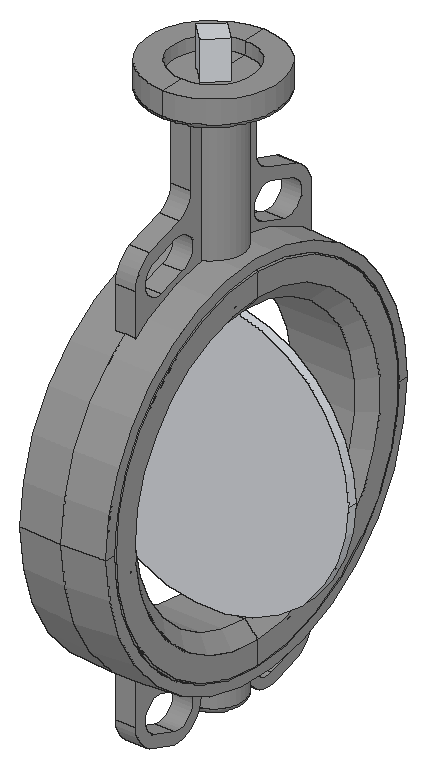
Revit family "Absperr- und Regulierklappe ZF-4219", category Rohrzubehör, Revit 2019
Family settings
  Bemaßung runder Anschluss = Durchmesser verwenden
  Teiletyp = Unterbricht
  Arbeitsebenenbasiert = Nein
  Immer vertikal = Ja
  Beim Laden mit Abzugskörper schneiden = Nein
  Gemeinsam genutzt = Nein
Parameters
  URL = "www.herz-armaturen.at"
  Spindel = "Edelstahl ASTM-A276 / Type 316"  # constant formula
  Schrauben PN16 [instance] = if(Nennweite = 50 mm, "4x M16x100", if(Nennweite = 65 mm, "4x M16x100", if(Nennweite = 80 mm, "8x M16x100", if(Nennweite = 100 mm, "8x M16x110", if(Nennweite = 125 mm, "8x M16x120", if(Nennweite = 150 mm, "8x M20x120", if(Nennweite = 200 mm, "12x M20x130", if(Nennweite = 250 mm, "12x M24x140", "12x M24x160"))))))))  # "12x M20x130"
  Schrauben PN 6 [instance] = if(Nennweite = 50 mm, "4x M12x100", if(Nennweite = 65 mm, "4x M12x100", if(Nennweite = 80 mm, "4x M16x100", if(Nennweite = 100 mm, "4x M16x100", if(Nennweite = 125 mm, "8x M16x110", if(Nennweite = 150 mm, "8x M16x110", if(Nennweite = 200 mm, "--", if(Nennweite = 250 mm, "12x M16x130", "12xM16x140"))))))))  # "--"
  Schrauben PN10 [instance] = if(Nennweite = 50 mm, "4x M16x100", if(Nennweite = 65 mm, "4x M16x100", if(Nennweite = 80 mm, "4x M16x100", if(Nennweite = 100 mm, "4x M16x110", if(Nennweite = 125 mm, "8x M16x120", if(Nennweite = 150 mm, "8x M20x120", if(Nennweite = 200 mm, "8x M20x130", if(Nennweite = 250 mm, "12x M20x130", "12x M20x150"))))))))  # "8x M20x130"
  SCTWSEQ = "FW;SBT_TYP_FW=\"101\";2"
  SCTWCODE = "04;07;02"  # constant formula
  SCRNSEQ = "ARM;ARM_TYP=\"ALLF\";2"
  SCRNCODE = "05;13;02"  # constant formula
  R_Dichtung = 1.5 mm  # constant formula
  PN16 [instance] = or(Nennweite = 50 mm, Nennweite = 65 mm, Nennweite = 80 mm, Nennweite = 100 mm, Nennweite = 125 mm, Nennweite = 150 mm, Nennweite = 200 mm, Nennweite = 250 mm, Nennweite = 300 mm)  # yes
  PN10 [instance] = or(Nennweite = 50 mm, Nennweite = 65 mm, Nennweite = 80 mm, Nennweite = 100 mm, Nennweite = 125 mm, Nennweite = 150 mm, Nennweite = 200 mm, Nennweite = 250 mm, Nennweite = 300 mm)  # yes
  PN 6 [instance] = or(Nennweite = 50 mm, Nennweite = 65 mm, Nennweite = 80 mm, Nennweite = 100 mm, Nennweite = 125 mm, Nennweite = 150 mm, Nennweite = 250 mm, Nennweite = 300 mm)  # no
  PN = 16  # constant formula
  O-Ring = "EPDM entsprechend ISO 1691"  # constant formula
  Nennweite [instance] = 200 mm
  Min. Betriebstemperatur = "-20.00 °C bei entsprechender Wasser-Glycolmischung"  # constant formula
  Medium = "Ethylen- und Propyleneglykol kann in einem Mischungsverhältnis zwischen 25 - 50 vol. [%] verwendet werden."
  Max. Betriebstemperatur = 110 °C  # constant formula
  LO1 [instance] = R05 + 10 mm  # 141 mm
  L16 [instance] = L01 - L13  # 236 mm
  L15 [instance] = L01 + L12  # 263 mm
  L14 [instance] = size_lookup("4219_ZF", "L_14", 44.4 mm, Nennweite)  # 61.5 mm
  L13 [instance] = size_lookup("4219_ZF", "L_13", 15 mm, Nennweite)  # 9 mm
  L12 [instance] = size_lookup("4219_ZF", "L_12", 15 mm, Nennweite)  # 18 mm
  L11 [instance] = size_lookup("4219_ZF", "L_11", 15 mm, Nennweite)  # 20 mm
  L10 [instance] = size_lookup("4219_ZF", "L_10", 16 mm, Nennweite)  # 16 mm
  L09 [instance] = size_lookup("4219_ZF", "L9", 29 mm, Nennweite)  # 44 mm
  L08 [instance] = size_lookup("4219_ZF", "L8", 43 mm, Nennweite)  # 60 mm
  L07 [instance] = size_lookup("4219_ZF", "L7", 3.5 mm, Nennweite)  # 4.5 mm
  L06 [instance] = size_lookup("4219_ZF", "L6", 18 mm, Nennweite)  # 32 mm
  L05 [instance] = size_lookup("4219_ZF", "L5", 35 mm, Nennweite)  # 50 mm
  L04 [instance] = size_lookup("4219_ZF", "L4", 35 mm, Nennweite)  # 17.5 mm
  L03 [instance] = size_lookup("4219_ZF", "L3", 35 mm, Nennweite)  # 152.5 mm
  L02 [instance] = size_lookup("4219_ZF", "L2", 35 mm, Nennweite)  # 109 mm
  L01 [instance] = size_lookup("4219_ZF", "L1", 35 mm, Nennweite)  # 245 mm
  Klappenscheibe = "Edelstahl 1.4408"  # constant formula
  Hersteller = "HERZ Armaturen Ges.m.b.H."  # constant formula
  Hebel DN 50-DN150 = "Stahl, ST14.03"  # constant formula
  Hebel DN200-300 = "Stahl, S235 DIN2458/1626"  # constant formula
  H [instance] = size_lookup("4219_ZF", "H1", 9 mm, Nennweite)  # 17 mm
  Gewicht in kg [instance] = size_lookup("4219_ZF", "M", 37.6, Nennweite)  # 16.6
  Gewicht [instance] = 0.00 kg
  Gehäuseauskleidung = "EPDM entsprechend ISO 1691"  # constant formula
  Gehäuse = "GG, GJL-250/JL1040, entsprechend EN1561"  # constant formula
  Einbaudatum [instance] = ""
  Drehmoment in Nm [instance] = size_lookup("4219_ZF", "NM", 350, Nennweite)  # 150
  DN300 [instance] = Nennweite = 300 mm  # no
  DN250 [instance] = Nennweite = 250 mm  # no
  DN200 [instance] = Nennweite = 200 mm  # yes
  DN150 [instance] = Nennweite = 150 mm  # no
  DN125 [instance] = Nennweite = 125 mm  # no
  DN100 [instance] = Nennweite = 100 mm  # no
  DN 80 [instance] = Nennweite = 80 mm  # no
  DN 65 [instance] = Nennweite = 65 mm  # no
  DN 50 [instance] = Nennweite = 50 mm  # no
  Chargennummer [instance] = ""
  BD [instance] = size_lookup("4219_ZF", "DB", 24 mm, Nennweite)  # 193.6 mm
  D09 [instance] = size_lookup("4219_ZF", "D9", 24 mm, Nennweite)  # 96.5 mm
  D08 [instance] = size_lookup("4219_ZF", "D8", 47 mm, Nennweite)  # 14 mm
  D07 [instance] = size_lookup("4219_ZF", "D7", 47 mm, Nennweite)  # 27.5 mm
  D06 [instance] = size_lookup("4219_ZF", "D6", 47 mm, Nennweite)  # 44 mm
  R05 [instance] = size_lookup("4219_ZF", "D5", 47 mm, Nennweite)  # 131 mm
  D05 [instance] = R05 * 2  # 262 mm
  D04 [instance] = size_lookup("4219_ZF", "D4", 41 mm, Nennweite)  # 124 mm
  D03 [instance] = size_lookup("4219_ZF", "D3", 35.5 mm, Nennweite)  # 116.5 mm
  R01 [instance] = size_lookup("4219_ZF", "D1", 28 mm, Nennweite)  # 103.5 mm
  R02 [instance] = size_lookup("4219_ZF", "D2", 30 mm, Nennweite)  # 105.5 mm
  Bestellnummer [instance] = size_lookup("4219_ZF", "Artnr", 1421901, Nennweite)  # 1421927
  Anwendungsgebiet = "Geeignet für Flüssigkeiten in der Haustechnik, Kaltwasser, Heißwasser, etc."
  Anschlussflansch = "entsprechend EN1092-2"  # constant formula
Reference planes
  plane 1 "Mitte (Vorne/hinten)": y = 0
  plane 2: z = 0
  plane 3 "Mitte (Links/rechts)": x = 0
Forms (mm)
  Revolve 1, solid, material "Herz-Metall-blau", detail levels fine
    sketch origin (0, 0, 0) x (1, 0, 0) y (0, 1, 0)
      loop
        line (0, 132.724) -> (-30, 131) -> (-30, 124) -> (-22, 124) -> (-22, 116.5) -> (-23.5, 116.5)
        arc (-23.5, 116.5) -> (-24.561, 116.061) -> (-25, 115) r 1.5
        line (-25, 115) -> (-25, 105.824)
        arc (-25, 105.824) -> (-24.729, 104.964) -> (-24.013, 104.415) r 1.5
        line (-24.013, 104.415) -> (-20.5, 103.5) -> (-16, 103.5) -> (-16, 105.5) -> (16, 105.5) -> (16, 103.5) -> (20.5, 103.5) -> (24.013, 104.415)
        arc (24.013, 104.415) -> (24.729, 104.964) -> (25, 105.824) r 1.5
        line (25, 105.824) -> (25, 115)
        arc (25, 115) -> (24.561, 116.061) -> (23.5, 116.5) r 1.5
        line (23.5, 116.5) -> (22, 116.5) -> (22, 124) -> (30, 124) -> (30, 131) -> (0, 132.724)
      axis (30, 0) -> (-30, 0)
    angle from 0 to 360
  Extrusion 2, solid, material "Herz-Metall-blau", visible <- "DN 50", detail levels fine
    sketch origin (0, 0, 0) x (0, 1, 0) y (0, 0, 1)
      loop
        line (20, 54.051) -> (20.008, 111.113) -> (16.897, 110.952)
        arc (16.897, 110.952) -> (15.55, 110.331) -> (15, 108.954) r 2
        line (15, 108.954) -> (15, 44.542)
        arc (15, 44.542) -> (31.465, 34.913) -> (42.748, 19.534) r 47
        arc (42.748, 19.534) -> (42.633, 20.873) -> (43.392, 21.983) r 2
        line (43.392, 21.983) -> (54.714, 30.209)
        arc (54.714, 30.209) -> (56.569, 56.569) -> (30.209, 54.714) r 17.5
        line (30.209, 54.714) -> (27.87, 51.494)
        arc (27.87, 51.494) -> (23.006, 49.914) -> (20, 54.051) r 4.35
      loop
        arc (32.065, 41.998) -> (33.588, 33.588) -> (41.998, 32.065) r 7.5
        line (41.998, 32.065) -> (48.502, 35.17)
        arc (48.502, 35.17) -> (51.265, 51.265) -> (35.17, 48.502) r 10
        line (35.17, 48.502) -> (32.065, 41.998)
      loop
        arc (-20, 54.051) -> (-23.006, 49.914) -> (-27.87, 51.494) r 4.35
        line (-27.87, 51.494) -> (-30.209, 54.714)
        arc (-30.209, 54.714) -> (-56.569, 56.569) -> (-54.714, 30.209) r 17.5
        line (-54.714, 30.209) -> (-43.392, 21.983)
        arc (-43.392, 21.983) -> (-42.633, 20.873) -> (-42.748, 19.534) r 2
        arc (-42.748, 19.534) -> (-31.465, 34.913) -> (-15, 44.542) r 47
        line (-15, 44.542) -> (-15, 108.954)
        arc (-15, 108.954) -> (-15.55, 110.331) -> (-16.897, 110.952) r 2
        line (-16.897, 110.952) -> (-20.008, 111.113) -> (-20, 54.051)
      loop
        line (-32.065, 41.998) -> (-35.17, 48.502)
        arc (-35.17, 48.502) -> (-51.265, 51.265) -> (-48.502, 35.17) r 10
        line (-48.502, 35.17) -> (-41.998, 32.065)
        arc (-41.998, 32.065) -> (-33.588, 33.588) -> (-32.065, 41.998) r 7.5
      loop
        line (32.065, -41.998) -> (35.17, -48.502)
        arc (35.17, -48.502) -> (51.265, -51.265) -> (48.502, -35.17) r 10
        line (48.502, -35.17) -> (41.998, -32.065)
        arc (41.998, -32.065) -> (33.588, -33.588) -> (32.065, -41.998) r 7.5
      loop
        line (54.714, -30.209) -> (43.392, -21.983)
        arc (43.392, -21.983) -> (42.633, -20.873) -> (42.748, -19.534) r 2
        arc (42.748, -19.534) -> (33.234, -33.234) -> (19.534, -42.748) r 47
        arc (19.534, -42.748) -> (20.873, -42.633) -> (21.983, -43.392) r 2
        line (21.983, -43.392) -> (30.209, -54.714)
        arc (30.209, -54.714) -> (56.569, -56.569) -> (54.714, -30.209) r 17.5
      loop
        arc (-32.065, -41.998) -> (-33.588, -33.588) -> (-41.998, -32.065) r 7.5
        line (-41.998, -32.065) -> (-48.502, -35.17)
        arc (-48.502, -35.17) -> (-51.265, -51.265) -> (-35.17, -48.502) r 10
        line (-35.17, -48.502) -> (-32.065, -41.998)
      loop
        arc (-54.714, -30.209) -> (-56.569, -56.569) -> (-30.209, -54.714) r 17.5
        line (-30.209, -54.714) -> (-21.983, -43.392)
        arc (-21.983, -43.392) -> (-20.873, -42.633) -> (-19.534, -42.748) r 2
        arc (-19.534, -42.748) -> (-33.234, -33.234) -> (-42.748, -19.534) r 47
        arc (-42.748, -19.534) -> (-42.633, -20.873) -> (-43.392, -21.983) r 2
        line (-43.392, -21.983) -> (-54.714, -30.209)
    from -4.5 to 4.5
  Extrusion 3, solid, material "Herz-Metall-blau", visible <- "DN 65", detail levels fine
    sketch origin (0, 0, 0) x (0, 1, 0) y (0, 0, 1)
      loop
        arc (51.659, 21.619) -> (51.541, 22.778) -> (52.089, 23.805) r 2
        line (52.089, 23.805) -> (65.407, 37.123)
        arc (65.407, 37.123) -> (65.407, 65.407) -> (37.123, 65.407) r 20
        line (37.123, 65.407) -> (29.414, 57.699)
        arc (29.414, 57.699) -> (27.235, 57.265) -> (26, 59.113) r 2
        line (26, 59.113) -> (26, 136.154) -> (19.897, 135.838)
        arc (19.897, 135.838) -> (18.55, 135.218) -> (18, 133.841) r 2
        line (18, 133.841) -> (18, 53.028)
        arc (18, 53.028) -> (38.206, 40.942) -> (51.659, 21.619) r 56
      loop
        arc (55.637, 42.831) -> (57.983, 57.983) -> (42.831, 55.637) r 9.5
        line (42.831, 55.637) -> (39.647, 48.983)
        arc (39.647, 48.983) -> (41.012, 41.012) -> (48.983, 39.647) r 7
        line (48.983, 39.647) -> (55.637, 42.831)
      loop
        arc (51.659, -21.619) -> (39.598, -39.598) -> (21.619, -51.659) r 56
        arc (21.619, -51.659) -> (22.778, -51.541) -> (23.805, -52.089) r 2
        line (23.805, -52.089) -> (37.123, -65.407)
        arc (37.123, -65.407) -> (65.407, -65.407) -> (65.407, -37.123) r 20
        line (65.407, -37.123) -> (52.089, -23.805)
        arc (52.089, -23.805) -> (51.541, -22.778) -> (51.659, -21.619) r 2
      loop
        line (55.637, -42.831) -> (48.983, -39.647)
        arc (48.983, -39.647) -> (41.012, -41.012) -> (39.647, -48.983) r 7
        line (39.647, -48.983) -> (42.831, -55.637)
        arc (42.831, -55.637) -> (57.983, -57.983) -> (55.637, -42.831) r 9.5
      loop
        arc (-51.659, -21.619) -> (-51.541, -22.778) -> (-52.089, -23.805) r 2
        line (-52.089, -23.805) -> (-65.407, -37.123)
        arc (-65.407, -37.123) -> (-65.407, -65.407) -> (-37.123, -65.407) r 20
        line (-37.123, -65.407) -> (-23.805, -52.089)
        arc (-23.805, -52.089) -> (-22.778, -51.541) -> (-21.619, -51.659) r 2
        arc (-21.619, -51.659) -> (-39.598, -39.598) -> (-51.659, -21.619) r 56
      loop
        arc (-55.637, -42.831) -> (-57.983, -57.983) -> (-42.831, -55.637) r 9.5
        line (-42.831, -55.637) -> (-39.647, -48.983)
        arc (-39.647, -48.983) -> (-41.012, -41.012) -> (-48.983, -39.647) r 7
        line (-48.983, -39.647) -> (-55.637, -42.831)
      loop
        arc (-51.659, 21.619) -> (-38.206, 40.942) -> (-18, 53.028) r 56
        line (-18, 53.028) -> (-18, 133.838)
        arc (-18, 133.838) -> (-18.55, 135.215) -> (-19.897, 135.835) r 2
        line (-19.897, 135.835) -> (-26, 136.151) -> (-26, 59.113)
        arc (-26, 59.113) -> (-27.235, 57.265) -> (-29.414, 57.699) r 2
        line (-29.414, 57.699) -> (-37.123, 65.407)
        arc (-37.123, 65.407) -> (-65.407, 65.407) -> (-65.407, 37.123) r 20
        line (-65.407, 37.123) -> (-52.089, 23.805)
        arc (-52.089, 23.805) -> (-51.541, 22.778) -> (-51.659, 21.619) r 2
      loop
        line (-55.637, 42.831) -> (-48.983, 39.647)
        arc (-48.983, 39.647) -> (-41.012, 41.012) -> (-39.647, 48.983) r 7
        line (-39.647, 48.983) -> (-42.831, 55.637)
        arc (-42.831, 55.637) -> (-57.983, 57.983) -> (-55.637, 42.831) r 9.5
    from -4.5 to 4.5
  Extrusion 4, solid, material "Herz-Metall-blau", visible <- "DN 80", detail levels fine
    sketch origin (0, 0, 0) x (0, 1, 0) y (0, 0, 1)
      loop
        line (26, 143.161) -> (20.397, 142.871)
        arc (20.397, 142.871) -> (19.05, 142.251) -> (18.5, 140.874) r 2
        line (18.5, 140.874) -> (18.5, 62.833)
        arc (18.5, 62.833) -> (41.296, 50.842) -> (57.706, 30.989) r 65.5
        arc (57.706, 30.989) -> (57.482, 32.176) -> (57.983, 33.275) r 2
        line (57.983, 33.275) -> (67.23, 43.52)
        arc (67.23, 43.52) -> (70.328, 54.798) -> (65.407, 65.407) r 17
        line (65.407, 65.407) -> (42.005, 86.53)
        arc (42.005, 86.53) -> (37.832, 89.302) -> (33.031, 90.738) r 17
        arc (33.031, 90.738) -> (27.974, 93.895) -> (26, 99.52) r 9
        line (26, 99.52) -> (26, 143.161)
      loop
        circle (30.615, 73.91) r 9.5
      loop
        circle (53.387, 53.387) r 9.5
      loop
        arc (57.706, -30.989) -> (41.296, -50.842) -> (18.5, -62.833) r 65.5
        line (18.5, -62.833) -> (18.5, -85.837)
        arc (18.5, -85.837) -> (30.113, -90.903) -> (42.005, -86.53) r 17
        line (42.005, -86.53) -> (65.407, -65.407)
        arc (65.407, -65.407) -> (70.328, -54.798) -> (67.23, -43.52) r 17
        line (67.23, -43.52) -> (57.983, -33.275)
        arc (57.983, -33.275) -> (57.482, -32.176) -> (57.706, -30.989) r 2
      loop
        circle (30.615, -73.91) r 9.5
      loop
        circle (53.387, -53.387) r 9.5
      loop
        arc (-57.706, -30.989) -> (-57.482, -32.176) -> (-57.983, -33.275) r 2
        line (-57.983, -33.275) -> (-67.23, -43.52)
        arc (-67.23, -43.52) -> (-70.328, -54.798) -> (-65.407, -65.407) r 17
        line (-65.407, -65.407) -> (-42.005, -86.53)
        arc (-42.005, -86.53) -> (-30.113, -90.903) -> (-18.5, -85.837) r 17
        line (-18.5, -85.837) -> (-18.5, -62.833)
        arc (-18.5, -62.833) -> (-41.296, -50.842) -> (-57.706, -30.989) r 65.5
      loop
        circle (-30.615, -73.91) r 9.5
      loop
        circle (-53.387, -53.387) r 9.5
      loop
        line (-26, 143.179) -> (-26, 99.52)
        arc (-26, 99.52) -> (-27.974, 93.895) -> (-33.031, 90.738) r 9
        arc (-33.031, 90.738) -> (-37.832, 89.302) -> (-42.005, 86.53) r 17
        line (-42.005, 86.53) -> (-65.407, 65.407)
        arc (-65.407, 65.407) -> (-70.328, 54.798) -> (-67.23, 43.52) r 17
        line (-67.23, 43.52) -> (-57.983, 33.275)
        arc (-57.983, 33.275) -> (-57.482, 32.176) -> (-57.706, 30.989) r 2
        arc (-57.706, 30.989) -> (-41.296, 50.842) -> (-18.5, 62.833) r 65.5
        line (-18.5, 62.833) -> (-18.5, 140.891)
        arc (-18.5, 140.891) -> (-19.05, 142.268) -> (-20.397, 142.888) r 2
        line (-20.397, 142.888) -> (-26, 143.179)
      loop
        circle (-30.615, 73.91) r 9.5
      loop
        circle (-53.387, 53.387) r 9.5
    from -4.5 to 4.5
  Extrusion 5, solid, material "Herz-Metall-blau", visible <- "DN100", detail levels fine
    sketch origin (0, 0, 0) x (0, 1, 0) y (0, 0, 1)
      loop
        line (64.131, 38.887) -> (73.681, 49.873)
        arc (73.681, 49.873) -> (77.063, 61.29) -> (72.125, 72.125) r 17
        line (72.125, 72.125) -> (45.809, 95.79)
        arc (45.809, 95.79) -> (41.366, 98.675) -> (36.25, 100.053) r 17
        arc (36.25, 100.053) -> (28.882, 104.596) -> (26, 112.759) r 13
        line (26, 112.759) -> (26, 166.173) -> (20.397, 165.883)
        arc (20.397, 165.883) -> (19.05, 165.263) -> (18.5, 163.886) r 2
        line (18.5, 163.886) -> (18.5, 72.683)
        arc (18.5, 72.683) -> (44.637, 60.27) -> (64.131, 38.887) r 75
      loop
        circle (60.104, 60.104) r 9.5
      loop
        circle (34.442, 83.149) r 9.5
      loop
        arc (64.131, -38.887) -> (44.637, -60.27) -> (18.5, -72.683) r 75
        line (18.5, -72.683) -> (18.5, -95.329)
        arc (18.5, -95.329) -> (21.473, -95.603) -> (24.233, -96.743) r 10
        arc (24.233, -96.743) -> (35.191, -100.133) -> (45.809, -95.79) r 17
        line (45.809, -95.79) -> (72.125, -72.125)
        arc (72.125, -72.125) -> (77.063, -61.29) -> (73.681, -49.873) r 17
        line (73.681, -49.873) -> (64.131, -38.887)
      loop
        circle (60.104, -60.104) r 9.5
      loop
        circle (34.442, -83.149) r 9.5
      loop
        line (-64.131, -38.887) -> (-73.681, -49.873)
        arc (-73.681, -49.873) -> (-77.063, -61.29) -> (-72.125, -72.125) r 17
        line (-72.125, -72.125) -> (-45.809, -95.79)
        arc (-45.809, -95.79) -> (-35.191, -100.133) -> (-24.233, -96.743) r 17
        arc (-24.233, -96.743) -> (-21.473, -95.603) -> (-18.5, -95.329) r 10
        line (-18.5, -95.329) -> (-18.5, -72.683)
        arc (-18.5, -72.683) -> (-44.637, -60.27) -> (-64.131, -38.887) r 75
      loop
        circle (-60.104, -60.104) r 9.5
      loop
        circle (-34.442, -83.149) r 9.5
      loop
        arc (-64.131, 38.887) -> (-44.637, 60.27) -> (-18.5, 72.683) r 75
        line (-18.5, 72.683) -> (-18.5, 163.876)
        arc (-18.5, 163.876) -> (-19.05, 165.253) -> (-20.397, 165.873) r 2
        line (-20.397, 165.873) -> (-26, 166.164) -> (-26, 112.759)
        arc (-26, 112.759) -> (-28.882, 104.596) -> (-36.25, 100.053) r 13
        arc (-36.25, 100.053) -> (-41.366, 98.675) -> (-45.809, 95.79) r 17
        line (-45.809, 95.79) -> (-72.125, 72.125)
        arc (-72.125, 72.125) -> (-77.063, 61.29) -> (-73.681, 49.873) r 17
        line (-73.681, 49.873) -> (-64.131, 38.887)
      loop
        circle (-60.104, 60.104) r 9.5
      loop
        circle (-34.442, 83.149) r 9.5
    from -4.5 to 4.5
  Extrusion 6, solid, material "Herz-Metall-blau", visible <- "DN125", detail levels fine
    sketch origin (0, 0, 0) x (0, 1, 0) y (0, 0, 1)
      loop
        arc (75.229, 48.945) -> (74.917, 50.244) -> (75.492, 51.45) r 2
        line (75.492, 51.45) -> (82.731, 58.69)
        arc (82.731, 58.69) -> (87.711, 70.711) -> (82.731, 82.731) r 17
        line (82.731, 82.731) -> (51.291, 109.875)
        arc (51.291, 109.875) -> (46.108, 112.941) -> (40.182, 114.007) r 17
        line (40.182, 114.007) -> (38, 114.007)
        arc (38, 114.007) -> (29.515, 117.522) -> (26, 126.007) r 12
        line (26, 126.007) -> (26, 185.157) -> (20.397, 184.867)
        arc (20.397, 184.867) -> (19.05, 184.246) -> (18.5, 182.869) r 2
        line (18.5, 182.869) -> (18.5, 87.823)
        arc (18.5, 87.823) -> (50.736, 74.033) -> (75.229, 48.945) r 89.75
      loop
        circle (40.182, 97.007) r 9.5
      loop
        circle (70.711, 70.711) r 9.5
      loop
        arc (75.229, -48.945) -> (50.736, -74.033) -> (18.5, -87.823) r 89.75
        line (18.5, -87.823) -> (18.5, -108.431)
        arc (18.5, -108.431) -> (24.248, -107.655) -> (29.46, -110.2) r 10
        arc (29.46, -110.2) -> (40.434, -114.005) -> (51.291, -109.875) r 17
        line (51.291, -109.875) -> (82.731, -82.731)
        arc (82.731, -82.731) -> (87.711, -70.711) -> (82.731, -58.69) r 17
        line (82.731, -58.69) -> (75.492, -51.45)
        arc (75.492, -51.45) -> (74.917, -50.244) -> (75.229, -48.945) r 2
      loop
        circle (40.182, -97.007) r 9.5
      loop
        circle (70.711, -70.711) r 9.5
      loop
        arc (-75.229, -48.945) -> (-74.917, -50.244) -> (-75.492, -51.45) r 2
        line (-75.492, -51.45) -> (-82.731, -58.69)
        arc (-82.731, -58.69) -> (-87.711, -70.711) -> (-82.731, -82.731) r 17
        line (-82.731, -82.731) -> (-51.291, -109.875)
        arc (-51.291, -109.875) -> (-40.434, -114.005) -> (-29.46, -110.2) r 17
        arc (-29.46, -110.2) -> (-24.248, -107.655) -> (-18.5, -108.431) r 10
        line (-18.5, -108.431) -> (-18.5, -87.823)
        arc (-18.5, -87.823) -> (-50.736, -74.033) -> (-75.229, -48.945) r 89.75
      loop
        circle (-40.182, -97.007) r 9.5
      loop
        circle (-70.711, -70.711) r 9.5
      loop
        arc (-75.229, 48.945) -> (-50.736, 74.033) -> (-18.5, 87.823) r 89.75
        line (-18.5, 87.823) -> (-18.5, 182.852)
        arc (-18.5, 182.852) -> (-19.05, 184.23) -> (-20.397, 184.85) r 2
        line (-20.397, 184.85) -> (-26, 185.14) -> (-26, 126.007)
        arc (-26, 126.007) -> (-29.515, 117.522) -> (-38, 114.007) r 12
        line (-38, 114.007) -> (-40.182, 114.007)
        arc (-40.182, 114.007) -> (-46.108, 112.941) -> (-51.291, 109.875) r 17
        line (-51.291, 109.875) -> (-82.731, 82.731)
        arc (-82.731, 82.731) -> (-87.711, 70.711) -> (-82.731, 58.69) r 17
        line (-82.731, 58.69) -> (-75.492, 51.45)
        arc (-75.492, 51.45) -> (-74.917, 50.244) -> (-75.229, 48.945) r 2
      loop
        circle (-40.182, 97.007) r 9.5
      loop
        circle (-70.711, 70.711) r 9.5
    from -6 to 6
  Extrusion 7, solid, material "Herz-Metall-blau", visible <- "DN150", detail levels fine
    sketch origin (0, 0, 0) x (0, 1, 0) y (0, 0, 1)
      loop
        line (83.495, 59.454) -> (91.57, 67.529)
        arc (91.57, 67.529) -> (96.55, 79.55) -> (91.57, 91.57) r 17
        line (91.57, 91.57) -> (57.511, 123.304)
        arc (57.511, 123.304) -> (45.758, 127.865) -> (34.095, 123.077) r 17
        arc (34.095, 123.077) -> (28.976, 122.416) -> (26, 126.633) r 5
        line (26, 126.633) -> (26, 198.177) -> (20.397, 197.887)
        arc (20.397, 197.887) -> (19.05, 197.267) -> (18.5, 195.889) r 2
        line (18.5, 195.889) -> (18.5, 100.817)
        arc (18.5, 100.817) -> (55.032, 86.474) -> (83.495, 59.454) r 102.5
      loop
        circle (45.922, 110.866) r 11.5
      loop
        circle (79.55, 79.55) r 9.5
      loop
        circle (45.922, -110.866) r 11.5
      loop
        circle (79.55, -79.55) r 9.5
      loop
        line (91.57, -67.529) -> (83.495, -59.454)
        arc (83.495, -59.454) -> (55.032, -86.474) -> (18.5, -100.817) r 102.5
        line (18.5, -100.817) -> (18.5, -123.208)
        arc (18.5, -123.208) -> (19.363, -121.755) -> (21.03, -121.482) r 2
        line (21.03, -121.482) -> (42.642, -127.546)
        arc (42.642, -127.546) -> (50.587, -127.213) -> (57.511, -123.304) r 17
        line (57.511, -123.304) -> (91.57, -91.57)
        arc (91.57, -91.57) -> (96.55, -79.55) -> (91.57, -67.529) r 17
      loop
        arc (-83.495, 59.454) -> (-55.032, 86.474) -> (-18.5, 100.817) r 102.5
        line (-18.5, 100.817) -> (-18.5, 195.875)
        arc (-18.5, 195.875) -> (-19.05, 197.252) -> (-20.397, 197.872) r 2
        line (-20.397, 197.872) -> (-26, 198.163) -> (-26, 126.633)
        arc (-26, 126.633) -> (-28.976, 122.416) -> (-34.095, 123.077) r 5
        arc (-34.095, 123.077) -> (-45.758, 127.865) -> (-57.511, 123.304) r 17
        line (-57.511, 123.304) -> (-91.57, 91.57)
        arc (-91.57, 91.57) -> (-96.55, 79.55) -> (-91.57, 67.529) r 17
        line (-91.57, 67.529) -> (-83.495, 59.454)
      loop
        circle (-45.922, 110.866) r 11.5
      loop
        circle (-79.55, 79.55) r 9.5
      loop
        circle (-45.922, -110.866) r 11.5
      loop
        circle (-79.55, -79.55) r 9.5
      loop
        arc (-91.57, -67.529) -> (-96.55, -79.55) -> (-91.57, -91.57) r 17
        line (-91.57, -91.57) -> (-57.511, -123.304)
        arc (-57.511, -123.304) -> (-50.587, -127.213) -> (-42.642, -127.546) r 17
        line (-42.642, -127.546) -> (-21.03, -121.482)
        arc (-21.03, -121.482) -> (-19.363, -121.755) -> (-18.5, -123.208) r 2
        line (-18.5, -123.208) -> (-18.5, -100.817)
        arc (-18.5, -100.817) -> (-55.032, -86.474) -> (-83.495, -59.454) r 102.5
        line (-83.495, -59.454) -> (-91.57, -67.529)
    from -7 to 7
  Extrusion 8, solid, material "Herz-Metall-blau", visible <- "DN200", detail levels fine
    sketch origin (0, 0, 0) x (0, 1, 0) y (0, 0, 1)
      loop
        arc (42.048, 153.832) -> (26.654, 145.827) -> (35.349, 130.812) r 12
        line (35.349, 130.812) -> (53.31, 124.689)
        arc (53.31, 124.689) -> (67.804, 132.4) -> (61.038, 147.359) r 12
        line (61.038, 147.359) -> (42.048, 153.832)
      loop
        line (28, 226.273) -> (22.065, 226.047)
        arc (22.065, 226.047) -> (20.655, 225.469) -> (20, 224.092) r 2.114
        line (20, 224.092) -> (20, 129.471)
        arc (20, 129.471) -> (49.604, 121.273) -> (76.485, 106.406) r 130.989
        line (76.485, 106.406) -> (76.485, 136.265)
        arc (76.485, 136.265) -> (73.108, 147.391) -> (64.117, 154.764) r 20.019
        line (64.117, 154.764) -> (38.16, 163.592)
        arc (38.16, 163.592) -> (30.802, 169.06) -> (28, 177.79) r 15
        line (28, 177.79) -> (28, 226.273)
      loop
        line (42.048, -153.832) -> (61.038, -147.359)
        arc (61.038, -147.359) -> (67.804, -132.4) -> (53.31, -124.689) r 12
        line (53.31, -124.689) -> (35.349, -130.812)
        arc (35.349, -130.812) -> (26.654, -145.827) -> (42.048, -153.832) r 12
      loop
        arc (76.446, -106.382) -> (49.585, -121.253) -> (20, -129.464) r 131
        line (20, -129.464) -> (20, -141.835)
        arc (20, -141.835) -> (28.361, -158.099) -> (46.453, -160.765) r 20
        line (46.453, -160.765) -> (64.099, -154.75)
        arc (64.099, -154.75) -> (73.075, -147.384) -> (76.446, -136.272) r 20
        line (76.446, -136.272) -> (76.446, -106.382)
      loop
        arc (-42.048, -153.832) -> (-26.654, -145.827) -> (-35.349, -130.812) r 12
        line (-35.349, -130.812) -> (-53.31, -124.689)
        arc (-53.31, -124.689) -> (-67.804, -132.4) -> (-61.038, -147.359) r 12
        line (-61.038, -147.359) -> (-42.048, -153.832)
      loop
        line (-76.446, -106.382) -> (-76.446, -136.272)
        arc (-76.446, -136.272) -> (-73.075, -147.384) -> (-64.099, -154.75) r 20
        line (-64.099, -154.75) -> (-46.453, -160.765)
        arc (-46.453, -160.765) -> (-28.361, -158.099) -> (-20, -141.835) r 20
        line (-20, -141.835) -> (-20, -129.464)
        arc (-20, -129.464) -> (-49.585, -121.253) -> (-76.446, -106.382) r 131
      loop
        line (-42.048, 153.832) -> (-61.038, 147.359)
        arc (-61.038, 147.359) -> (-67.804, 132.4) -> (-53.31, 124.689) r 12
        line (-53.31, 124.689) -> (-35.349, 130.812)
        arc (-35.349, 130.812) -> (-26.654, 145.827) -> (-42.048, 153.832) r 12
      loop
        line (-28, 226.278) -> (-28, 177.79)
        arc (-28, 177.79) -> (-30.802, 169.06) -> (-38.16, 163.592) r 15
        line (-38.16, 163.592) -> (-64.117, 154.764)
        arc (-64.117, 154.764) -> (-73.108, 147.391) -> (-76.485, 136.265) r 20.019
        line (-76.485, 136.265) -> (-76.485, 106.406)
        arc (-76.485, 106.406) -> (-49.604, 121.273) -> (-20, 129.471) r 130.989
        line (-20, 129.471) -> (-20, 224.098)
        arc (-20, 224.098) -> (-20.655, 225.475) -> (-22.065, 226.053) r 2.114
        line (-22.065, 226.053) -> (-28, 226.278)
    from -7 to 7
  Extrusion 9, solid, material "Herz-Metall-blau", visible <- "DN250", detail levels fine
    sketch origin (0, 0, 0) x (0, 1, 0) y (0, 0, 1)
      loop
        arc (-95.9, 125.382) -> (-61.406, 145.382) -> (-23, 156.095) r 157.75
        line (-23, 156.095) -> (-23, 258.814)
        arc (-23, 258.814) -> (-23.588, 260.113) -> (-24.893, 260.69) r 2
        line (-24.893, 260.69) -> (-32, 261.058) -> (-32, 187.712)
        arc (-32, 187.712) -> (-33.507, 185.205) -> (-36.428, 185.359) r 2.84
        arc (-36.428, 185.359) -> (-43.951, 188.152) -> (-51.918, 187.184) r 17
        line (-51.918, 187.184) -> (-97.072, 155.872)
        arc (-97.072, 155.872) -> (-100.207, 149.167) -> (-100.195, 141.765) r 17
        line (-100.195, 141.765) -> (-95.9, 125.382)
      loop
        circle (-83.608, 145.492) r 9.5
      loop
        circle (-45.549, 171.269) r 14
      loop
        arc (96.192, -125.349) -> (61.575, -145.51) -> (23, -156.317) r 157.999
        line (23, -156.317) -> (23, -181.388) -> (27.217, -181.388)
        arc (27.217, -181.388) -> (30.142, -181.826) -> (32.812, -183.1) r 10
        line (32.812, -183.1) -> (36.428, -185.542)
        arc (36.428, -185.542) -> (44.468, -188.388) -> (52.878, -186.972) r 17
        line (52.878, -186.972) -> (97.463, -155.872)
        arc (97.463, -155.872) -> (100.598, -149.167) -> (100.586, -141.765) r 17
        line (100.586, -141.765) -> (96.192, -125.349)
      loop
        circle (84, -145.492) r 9.5
      loop
        circle (45.94, -171.452) r 14
      loop
        line (-96.192, -125.349) -> (-100.586, -141.765)
        arc (-100.586, -141.765) -> (-100.598, -149.167) -> (-97.463, -155.872) r 17
        line (-97.463, -155.872) -> (-52.878, -186.972)
        arc (-52.878, -186.972) -> (-44.468, -188.388) -> (-36.428, -185.542) r 17
        line (-36.428, -185.542) -> (-32.812, -183.1)
        arc (-32.812, -183.1) -> (-30.142, -181.826) -> (-27.217, -181.388) r 10
        line (-27.217, -181.388) -> (-23, -181.388) -> (-23, -156.317)
        arc (-23, -156.317) -> (-61.575, -145.51) -> (-96.192, -125.349) r 157.999
      loop
        circle (-84, -145.492) r 9.5
      loop
        circle (-45.94, -171.452) r 14
      loop
        line (95.9, 125.2) -> (100.195, 141.582)
        arc (100.195, 141.582) -> (100.207, 148.984) -> (97.072, 155.689) r 17
        line (97.072, 155.689) -> (51.919, 187.036)
        arc (51.919, 187.036) -> (43.952, 188.006) -> (36.428, 185.212) r 17
        arc (36.428, 185.212) -> (33.507, 185.058) -> (32, 187.566) r 2.84
        line (32, 187.566) -> (32, 261.045) -> (24.893, 260.677)
        arc (24.893, 260.677) -> (23.588, 260.1) -> (23, 258.801) r 2
        line (23, 258.801) -> (23, 155.948)
        arc (23, 155.948) -> (61.411, 145.223) -> (95.9, 125.2) r 157.605
      loop
        circle (83.608, 145.31) r 9.5
      loop
        circle (45.549, 171.122) r 14
    from -9 to 9
  Extrusion 10, solid, material "Herz-Metall-blau", visible <- "DN300", detail levels fine
    sketch origin (0, 0, 0) x (0, 1, 0) y (0, 0, 1)
      loop
        arc (62.57, 187.834) -> (56.268, 211.23) -> (39.112, 194.12) r 14
        line (39.112, 194.12) -> (40.223, 189.928)
        arc (40.223, 189.928) -> (48.374, 181.769) -> (59.504, 184.767) r 11.5
        line (59.504, 184.767) -> (62.57, 187.834)
      loop
        circle (98.337, 170.892) r 12
      loop
        arc (113.094, 162.454) -> (114.748, 175.326) -> (106.837, 185.615) r 17
        line (106.837, 185.615) -> (61.701, 211.919)
        arc (61.701, 211.919) -> (54.44, 214.463) -> (46.806, 213.516) r 16.852
        arc (46.806, 213.516) -> (36.904, 213.681) -> (32, 222.285) r 10
        line (32, 222.285) -> (32, 286.38) -> (24.895, 286.033)
        arc (24.895, 286.033) -> (23.576, 285.442) -> (23, 284.117) r 2
        line (23, 284.117) -> (23, 181.202)
        arc (23, 181.202) -> (65.613, 170.505) -> (104.437, 149.94) r 182.63
        line (104.437, 149.94) -> (113.094, 162.454)
      loop
        line (62.984, -188.142) -> (59.917, -185.075)
        arc (59.917, -185.075) -> (48.787, -182.077) -> (40.637, -190.235) r 11.5
        line (40.637, -190.235) -> (39.525, -194.427)
        arc (39.525, -194.427) -> (56.681, -211.538) -> (62.984, -188.142) r 14
      loop
        circle (98.75, -171.04) r 12
      loop
        line (113.508, -162.601) -> (104.75, -150.055)
        arc (104.75, -150.055) -> (65.787, -170.766) -> (23, -181.549) r 183
        line (23, -181.549) -> (23, -206.327)
        arc (23, -206.327) -> (24.157, -204.218) -> (26.558, -204.062) r 2.5
        line (26.558, -204.062) -> (45.918, -213.443)
        arc (45.918, -213.443) -> (53.906, -214.994) -> (61.701, -212.654) r 17
        line (61.701, -212.654) -> (107.25, -185.762)
        arc (107.25, -185.762) -> (115.162, -175.474) -> (113.508, -162.601) r 17
      loop
        arc (-62.984, -188.142) -> (-56.681, -211.538) -> (-39.525, -194.427) r 14
        line (-39.525, -194.427) -> (-40.637, -190.235)
        arc (-40.637, -190.235) -> (-48.787, -182.077) -> (-59.917, -185.075) r 11.5
        line (-59.917, -185.075) -> (-62.984, -188.142)
      loop
        circle (-98.75, -171.04) r 12
      loop
        arc (-113.508, -162.601) -> (-115.162, -175.474) -> (-107.25, -185.762) r 17
        line (-107.25, -185.762) -> (-61.701, -212.654)
        arc (-61.701, -212.654) -> (-53.906, -214.994) -> (-45.918, -213.443) r 17
        line (-45.918, -213.443) -> (-26.558, -204.062)
        arc (-26.558, -204.062) -> (-24.157, -204.218) -> (-23, -206.327) r 2.5
        line (-23, -206.327) -> (-23, -181.549)
        arc (-23, -181.549) -> (-65.787, -170.766) -> (-104.75, -150.055) r 183
        line (-104.75, -150.055) -> (-113.508, -162.601)
      loop
        line (-62.574, 188.142) -> (-59.508, 185.075)
        arc (-59.508, 185.075) -> (-48.378, 182.077) -> (-40.227, 190.235) r 11.5
        line (-40.227, 190.235) -> (-39.116, 194.427)
        arc (-39.116, 194.427) -> (-56.272, 211.538) -> (-62.574, 188.142) r 14
      loop
        circle (-98.34, 171.04) r 12
      loop
        line (-113.098, 162.601) -> (-104.44, 150.087)
        arc (-104.44, 150.087) -> (-65.611, 170.637) -> (-23, 181.326) r 182.753
        line (-23, 181.326) -> (-23, 284.115)
        arc (-23, 284.115) -> (-23.577, 285.441) -> (-24.896, 286.032) r 2
        line (-24.896, 286.032) -> (-32, 286.379) -> (-32, 222.593)
        arc (-32, 222.593) -> (-37.217, 213.811) -> (-47.425, 214.193) r 10
        arc (-47.425, 214.193) -> (-54.523, 214.911) -> (-61.291, 212.654) r 17
        line (-61.291, 212.654) -> (-106.84, 185.762)
        arc (-106.84, 185.762) -> (-114.752, 175.474) -> (-113.098, 162.601) r 17
    from -9 to 9
  Revolve 11, solid, material "Herz-Metall-blau"
    sketch origin (0, 0, 0) x (0, 1, 0) y (0, 0, 1)
      loop
        line (0, -131) -> (0, -152.5) -> (17, -152.5)
        arc (17, -152.5) -> (19.121, -151.621) -> (20, -149.5) r 3
        line (20, -149.5) -> (20, -129.464)
        arc (20, -129.464) -> (10.029, -130.616) -> (0, -131) r 131
      axis (0, -129.464) -> (0, -152.5)
    angle from 0 to 360
  Revolve 12, solid, material "Herz-Metall-blau"
    sketch origin (0, 0, 0) x (0, 1, 0) y (0, 0, 1)
      loop
        line (0, 236) -> (0, 131)
        arc (0, 131) -> (10.029, 130.616) -> (20, 129.464) r 131
        line (20, 129.464) -> (20, 223.944)
        arc (20, 223.944) -> (20.549, 225.32) -> (21.895, 225.941) r 2
        line (21.895, 225.941) -> (42.105, 227)
        arc (42.105, 227) -> (43.451, 227.621) -> (44, 228.997) r 2
        line (44, 228.997) -> (44, 245) -> (27.5, 245) -> (27.5, 236) -> (0, 236)
      axis (0, 245) -> (0, 129.464)
    angle from 0 to 360
  Revolve 13, solid, material "Gummi"
    sketch origin (0, 0, 0) x (1, 0, 0) y (0, 0, 1)
      loop
        arc (-29.258, 124) -> (-30.313, 123.563) -> (-30.75, 122.508) r 1.492
        line (-30.75, 122.508) -> (-30.75, 105.718) -> (-22, 96.5) -> (22, 96.5) -> (30.75, 106.945) -> (30.75, 123)
        arc (30.75, 123) -> (30.457, 123.707) -> (29.75, 124) r 1
        line (29.75, 124) -> (22, 124) -> (22, 116.5) -> (23.5, 116.5)
        arc (23.5, 116.5) -> (24.561, 116.061) -> (25, 115) r 1.5
        line (25, 115) -> (25, 105.988)
        arc (25, 105.988) -> (24.622, 104.993) -> (23.68, 104.499) r 1.5
        line (23.68, 104.499) -> (20.5, 103.5) -> (16.527, 103.5) -> (16.527, 105.5) -> (-15.473, 105.5) -> (-15.473, 103.5) -> (-20.5, 103.5) -> (-23.68, 104.499)
        arc (-23.68, 104.499) -> (-24.622, 104.993) -> (-25, 105.988) r 1.5
        line (-25, 105.988) -> (-25, 115)
        arc (-25, 115) -> (-24.561, 116.061) -> (-23.5, 116.5) r 1.5
        line (-23.5, 116.5) -> (-22, 116.5) -> (-22, 124) -> (-29.258, 124)
      axis (-30.75, 0) -> (30.75, 0)
    angle from 0 to 360
  Extrusion 14, solid, detail levels fine
    sketch origin (0, 0, 0) x (1, 0, 0) y (0, 0, 1)
      loop
        circle (0, 0) r 96.8
    from -3 to 3
  Extrusion 15, solid, detail levels fine
    sketch origin (0, 0, 0) x (1, 0, 0) y (0, 1, 0)
      loop
        line (0, 12.021) -> (-12.021, 0) -> (0, -12.021) -> (12.021, 0) -> (0, 12.021)
    from 236 <- "L16" to 263 <- "L15"
Lines and regions (mm)
  model lines, detail levels coarse+medium
    curve 1: line (-30, 131, 0) -> (30, 131, 0)
    curve 2: line (-30, -131, 0) -> (-30, 131, 0)
    curve 3: line (30, -131, 0) -> (-30, -131, 0)
    curve 4: line (30, 131, 0) -> (30, -131, 0)
    curve 5: line (-30, 131, 0) -> (30, -131, 0)
    curve 6: circle (0, 0, 0) r 5 normal (0, 0, 1)
    curve 7: line (-30, 0, 131) -> (30, 0, 131)
    curve 8: line (-30, 0, -131) -> (-30, 0, 131)
    curve 9: line (30, 0, -131) -> (-30, 0, -131)
    curve 10: line (30, 0, 131) -> (30, 0, -131)
    curve 11: line (-30, 0, 131) -> (30, 0, -131)
    curve 12: circle (0, 0, 0) r 7 normal (0, -1, 0)
Dimensions and locks
  "L08": Revolve 1 sketch curve to Revolve 1 sketch curve
  equal spacing: Revolve 1 sketch curve, plane 3 "Mitte (Links/rechts)", Revolve 1 sketch curve  (x4)
  "L07": Revolve 1 sketch curve to Revolve 1 sketch curve  (x2)
  "L06": Revolve 1 sketch curve to Revolve 1 sketch curve
  "L05": Revolve 1 sketch curve to Revolve 1 sketch curve
  "L09": Revolve 1 sketch curve to Revolve 1 sketch curve
  "R05": plane 1 "Mitte (Vorne/hinten)" to Revolve 1 sketch curve  (x2)
  "D04": plane 1 "Mitte (Vorne/hinten)" to Revolve 1 sketch curve  (x2)
  "D03": plane 1 "Mitte (Vorne/hinten)" to Revolve 1 sketch curve  (x2)
  "R01": plane 1 "Mitte (Vorne/hinten)" to Revolve 1 sketch curve  (x2)
  "R02": plane 1 "Mitte (Vorne/hinten)" to Revolve 1 sketch curve
  equal spacing: curve 2, plane 3 "Mitte (Links/rechts)", curve 4
  equal spacing: curve 3, plane 1 "Mitte (Vorne/hinten)", curve 1
  "L08": curve 2 to curve 4
  "D05": curve 3 to curve 1
  equal spacing: curve 10, plane 3 "Mitte (Links/rechts)", curve 8
  equal spacing: curve 7, level, curve 9
  "D05": curve 7 to curve 9
  "L08": curve 8 to curve 10
  "L11": Revolve 11 sketch curve to plane 1 "Mitte (Vorne/hinten)"
  "L03": level to Revolve 11 sketch curve
  "R05": level to Revolve 11 sketch curve
  "R05": Revolve 12 sketch curve to curve 2
  "L11": Revolve 12 sketch curve to plane 1 "Mitte (Vorne/hinten)"
  "L01": Revolve 12 sketch curve to level
  "L12": Revolve 12 sketch curve to Revolve 12 sketch curve
  "L13": Revolve 12 sketch curve to Revolve 12 sketch curve
  "D07": Revolve 12 sketch curve to Revolve 12 sketch curve
  "D06": Revolve 12 sketch curve to Revolve 12 sketch curve
  Extrusion 10 sketch curve to plane 1 "Mitte (Vorne/hinten)" to Extrusion 10 sketch curve = 23 mm, 23 mm
  equal spacing: Extrusion 10 sketch curve, plane 1 "Mitte (Vorne/hinten)", Extrusion 10 sketch curve
  Extrusion 10 sketch curve to Extrusion 10 sketch curve = 64 mm
  Extrusion 9 sketch curve to plane 1 "Mitte (Vorne/hinten)" to Extrusion 9 sketch curve = 23 mm, 23 mm
  Extrusion 9 sketch curve to plane 1 "Mitte (Vorne/hinten)" to Extrusion 9 sketch curve = 32 mm, 32 mm
  Extrusion 8 sketch curve to Extrusion 8 sketch curve = 56 mm
  equal spacing: Extrusion 8 sketch curve, plane 1 "Mitte (Vorne/hinten)", Extrusion 8 sketch curve
  Extrusion 8 sketch curve to plane 1 "Mitte (Vorne/hinten)" to Extrusion 8 sketch curve = 20 mm, 20 mm
  equal spacing: Extrusion 7 sketch curve, plane 1 "Mitte (Vorne/hinten)", Extrusion 7 sketch curve
  Extrusion 7 sketch curve to Extrusion 7 sketch curve = 52 mm
  equal spacing: Extrusion 6 sketch curve, plane 1 "Mitte (Vorne/hinten)", Extrusion 6 sketch curve
  "R02": Revolve 13 sketch curve to curve 3
  "D04": Revolve 13 sketch curve to level  (x2)
  "L14": Revolve 13 sketch curve to Revolve 13 sketch curve
  "D09": Revolve 13 sketch curve to level
  "D03": Revolve 13 sketch curve to level  (x2)
  "R01": Revolve 13 sketch curve to level  (x2)
  "L09": Revolve 13 sketch curve to Revolve 13 sketch curve  (x2)
  "L06": Revolve 13 sketch curve to Revolve 13 sketch curve
  "L05": Revolve 13 sketch curve to Revolve 13 sketch curve
  equal spacing: Revolve 13 sketch curve, plane 3 "Mitte (Links/rechts)", Revolve 13 sketch curve  (x4)
  "L07": Revolve 13 sketch curve to Revolve 13 sketch curve  (x2)
  equal spacing: Extrusion 15 sketch curve, plane 3 "Mitte (Links/rechts)", Extrusion 15 sketch curve  (x2)
  "H": Extrusion 15 sketch curve to Extrusion 15 sketch curve  (x2)
  "L11": nested 1 to plane 3 "Mitte (Links/rechts)"
  "LO1": plane 2 to nested 1
  "R05": radius of Revolve 11 sketch curve
  "R05": radius of Revolve 12 sketch curve
  "R_Dichtung": radius of Revolve 13 sketch curve  (x4)
  "BD": diameter of Extrusion 14 sketch curve
  angle Revolve 1 sketch curve to Revolve 1 sketch curve = 93.2891°  (x2)
  angle Revolve 12 sketch curve to Revolve 12 sketch curve = 93.00°
  angle plane 3 "Mitte (Links/rechts)" to Extrusion 15 sketch curve = 45.00°
  angle Extrusion 15 sketch curve to plane 3 "Mitte (Links/rechts)" = 45.00°
  aligned and locked: level to plane 2
Automatic sketch dimensions
  Extrusion 2 sketch curve to Extrusion 2 sketch curve = 0 mm  (x28)
  Extrusion 2 sketch curve to level = 0 mm
  Extrusion 2 sketch curve to plane 1 "Mitte (Vorne/hinten)" = 0 mm
  plane 1 "Mitte (Vorne/hinten)" to Extrusion 2 sketch curve = 15 mm
  Extrusion 2 sketch curve to Extrusion 2 sketch curve = 1.897 mm  (x2)
  Extrusion 2 sketch curve to Extrusion 2 sketch curve = 0.103 mm  (x2)
  Extrusion 2 sketch curve to Extrusion 2 sketch curve = 5 mm  (x2)
  Extrusion 2 sketch curve to Extrusion 2 sketch curve = 3.111 mm  (x2)
  plane 1 "Mitte (Vorne/hinten)" to Extrusion 2 sketch curve = 20.365 mm
  Extrusion 2 sketch curve to Extrusion 2 sketch curve = 1.618 mm  (x6)
  Extrusion 2 sketch curve to Extrusion 2 sketch curve = 4.35 mm  (x2)
  Extrusion 2 sketch curve to Extrusion 2 sketch curve = 3.519 mm  (x2)
  Extrusion 2 sketch curve to Extrusion 2 sketch curve = 2.34 mm  (x2)
  Extrusion 2 sketch curve to Extrusion 2 sketch curve = 8.226 mm  (x6)
  Extrusion 2 sketch curve to Extrusion 2 sketch curve = 10.081 mm  (x6)
  Extrusion 2 sketch curve to Extrusion 2 sketch curve = 4.195 mm  (x2)
  Extrusion 2 sketch curve to Extrusion 2 sketch curve = 3.105 mm  (x8)
  Extrusion 2 sketch curve to Extrusion 2 sketch curve = 6.826 mm  (x8)
  Extrusion 2 sketch curve to Extrusion 2 sketch curve = 3.107 mm  (x4)
  Extrusion 2 sketch curve to Extrusion 2 sketch curve = 1.394 mm  (x6)
  Extrusion 2 sketch curve to Extrusion 2 sketch curve = 5.303 mm  (x8)
  Extrusion 2 sketch curve to Extrusion 2 sketch curve = 1.176 mm  (x6)
  Extrusion 2 sketch curve to Extrusion 2 sketch curve = 6.505 mm  (x4)
  Extrusion 2 sketch curve to Extrusion 2 sketch curve = 6.212 mm  (x4)
  Extrusion 2 sketch curve to plane 1 "Mitte (Vorne/hinten)" = 15 mm
  Extrusion 2 sketch curve to plane 1 "Mitte (Vorne/hinten)" = 20.365 mm
  Extrusion 2 sketch curve to level = 20.365 mm  (x2)
  level to Extrusion 2 sketch curve = 20.365 mm  (x2)
  Extrusion 2 sketch curve to Extrusion 2 sketch curve = 2.545 mm  (x2)
  Extrusion 2 sketch curve to Extrusion 2 sketch curve = 3.22 mm  (x2)
  Extrusion 2 sketch curve to Extrusion 2 sketch curve = 2.557 mm  (x2)
  Extrusion 2 sketch curve to Extrusion 2 sketch curve = 54.903 mm
  Extrusion 2 sketch curve to Extrusion 2 sketch curve = 0.161 mm  (x2)
  Extrusion 2 sketch curve to Extrusion 2 sketch curve = 0.831 mm  (x2)
  Extrusion 2 sketch curve to Extrusion 2 sketch curve = 1.819 mm  (x2)
  Extrusion 10 sketch curve to Extrusion 10 sketch curve = 0 mm  (x23)
  Extrusion 10 sketch curve to level = 0 mm
  Extrusion 10 sketch curve to plane 1 "Mitte (Vorne/hinten)" = 0 mm
  Extrusion 10 sketch curve to Extrusion 10 sketch curve = 1.896 mm
  Extrusion 10 sketch curve to Extrusion 10 sketch curve = 1.998 mm
  plane 1 "Mitte (Vorne/hinten)" to Extrusion 10 sketch curve = 25.5 mm
  Extrusion 10 sketch curve to Extrusion 10 sketch curve = 1.058 mm  (x2)
  Extrusion 10 sketch curve to Extrusion 10 sketch curve = 16.116 mm
  Extrusion 10 sketch curve to Extrusion 10 sketch curve = 12.968 mm
  Extrusion 10 sketch curve to Extrusion 10 sketch curve = 10 mm  (x2)
  Extrusion 10 sketch curve to Extrusion 10 sketch curve = 6.393 mm  (x2)
  Extrusion 10 sketch curve to Extrusion 10 sketch curve = 12.239 mm  (x4)
  Extrusion 10 sketch curve to Extrusion 10 sketch curve = 1.294 mm  (x4)
  Extrusion 10 sketch curve to Extrusion 10 sketch curve = 8.643 mm
  Extrusion 10 sketch curve to Extrusion 10 sketch curve = 15.783 mm  (x2)
  Extrusion 10 sketch curve to Extrusion 10 sketch curve = 11.22 mm  (x3)
  Extrusion 10 sketch curve to Extrusion 10 sketch curve = 35.766 mm  (x3)
  Extrusion 10 sketch curve to Extrusion 10 sketch curve = 6 mm  (x2)
  Extrusion 10 sketch curve to Extrusion 10 sketch curve = 6.1 mm
  Extrusion 10 sketch curve to Extrusion 10 sketch curve = 8.5 mm  (x4)
  Extrusion 10 sketch curve to Extrusion 10 sketch curve = 8.658 mm
  Extrusion 10 sketch curve to Extrusion 10 sketch curve = 8.758 mm  (x2)
  Extrusion 10 sketch curve to Extrusion 10 sketch curve = 16.525 mm
  level to Extrusion 10 sketch curve = 0.006 mm  (x2)
  plane 1 "Mitte (Vorne/hinten)" to Extrusion 10 sketch curve = 0.16 mm
  Extrusion 10 sketch curve to plane 1 "Mitte (Vorne/hinten)" = 0.161 mm
  Extrusion 10 sketch curve to plane 1 "Mitte (Vorne/hinten)" = 23 mm
  Extrusion 10 sketch curve to Extrusion 10 sketch curve = 1.895 mm
  Extrusion 10 sketch curve to Extrusion 10 sketch curve = 0.103 mm
  Extrusion 10 sketch curve to Extrusion 10 sketch curve = 2.5 mm
  Extrusion 10 sketch curve to Extrusion 10 sketch curve = 14.025 mm
  Extrusion 10 sketch curve to Extrusion 10 sketch curve = 16.112 mm
  Extrusion 10 sketch curve to Extrusion 10 sketch curve = 46.986 mm
  Extrusion 10 sketch curve to Extrusion 10 sketch curve = 6.101 mm
  Extrusion 10 sketch curve to Extrusion 10 sketch curve = 8.657 mm
  Extrusion 10 sketch curve to level = 150.055 mm
  Extrusion 10 sketch curve to Extrusion 10 sketch curve = 31.494 mm
  Extrusion 10 sketch curve to Extrusion 10 sketch curve = 12.546 mm  (x2)
  Extrusion 10 sketch curve to Extrusion 10 sketch curve = 8.439 mm  (x4)
  Extrusion 10 sketch curve to Extrusion 10 sketch curve = 17.102 mm  (x3)
  Extrusion 10 sketch curve to Extrusion 10 sketch curve = 5.043 mm  (x3)
  Extrusion 10 sketch curve to Extrusion 10 sketch curve = 1.242 mm  (x4)
  Extrusion 10 sketch curve to Extrusion 10 sketch curve = 9.634 mm
  Extrusion 10 sketch curve to Extrusion 10 sketch curve = 2.265 mm
  Extrusion 10 sketch curve to Extrusion 10 sketch curve = 11.9 mm
  Extrusion 10 sketch curve to Extrusion 10 sketch curve = 14.639 mm  (x3)
  level to Extrusion 10 sketch curve = 150.087 mm
  Extrusion 10 sketch curve to Extrusion 10 sketch curve = 31.386 mm
  Extrusion 10 sketch curve to Extrusion 10 sketch curve = 12.514 mm  (x2)
  Extrusion 10 sketch curve to Extrusion 10 sketch curve = 11.675 mm
  Extrusion 10 sketch curve to Extrusion 10 sketch curve = 4.83 mm
  Extrusion 10 sketch curve to Extrusion 10 sketch curve = 24.578 mm
  Extrusion 10 sketch curve to Extrusion 10 sketch curve = 9.939 mm
  Extrusion 10 sketch curve to Extrusion 10 sketch curve = 61.442 mm
  Extrusion 10 sketch curve to Extrusion 10 sketch curve = 0.001 mm
  Extrusion 10 sketch curve to Extrusion 10 sketch curve = 0.081 mm  (x2)
  Extrusion 10 sketch curve to Extrusion 10 sketch curve = 0.347 mm  (x2)
  Extrusion 10 sketch curve to Extrusion 10 sketch curve = 1.111 mm  (x4)
  Extrusion 10 sketch curve to Extrusion 10 sketch curve = 0.011 mm  (x4)
  Extrusion 10 sketch curve to Extrusion 10 sketch curve = 3.067 mm  (x3)
  Extrusion 10 sketch curve to Extrusion 10 sketch curve = 0.008 mm  (x8)
  Extrusion 10 sketch curve to Extrusion 10 sketch curve = 4.806 mm
  Extrusion 10 sketch curve to Extrusion 10 sketch curve = 8.153 mm
  Extrusion 10 sketch curve to Extrusion 10 sketch curve = 14.895 mm
  Extrusion 10 sketch curve to Extrusion 10 sketch curve = 3.058 mm
  Extrusion 10 sketch curve to Extrusion 10 sketch curve = 3.075 mm  (x4)
  Extrusion 10 sketch curve to Extrusion 10 sketch curve = 0.003 mm  (x4)
  Extrusion 9 sketch curve to Extrusion 9 sketch curve = 0 mm  (x14)
  Extrusion 9 sketch curve to Extrusion 9 sketch curve = 1.893 mm  (x2)
  Extrusion 9 sketch curve to Extrusion 9 sketch curve = 0.103 mm  (x2)
  plane 1 "Mitte (Vorne/hinten)" to Extrusion 9 sketch curve = 27.217 mm
  Extrusion 9 sketch curve to Extrusion 9 sketch curve = 5.595 mm  (x2)
  Extrusion 9 sketch curve to Extrusion 9 sketch curve = 2.84 mm  (x2)
  Extrusion 9 sketch curve to Extrusion 9 sketch curve = 3.617 mm  (x2)
  Extrusion 9 sketch curve to Extrusion 9 sketch curve = 9.512 mm  (x2)
  Extrusion 9 sketch curve to Extrusion 9 sketch curve = 11.101 mm
  Extrusion 9 sketch curve to Extrusion 9 sketch curve = 6.369 mm
  Extrusion 9 sketch curve to Extrusion 9 sketch curve = 16.45 mm  (x2)
  Extrusion 9 sketch curve to Extrusion 9 sketch curve = 38.06 mm  (x3)
  Extrusion 9 sketch curve to Extrusion 9 sketch curve = 12.192 mm  (x2)
  Extrusion 9 sketch curve to Extrusion 9 sketch curve = 12.292 mm  (x2)
  Extrusion 9 sketch curve to Extrusion 9 sketch curve = 13.463 mm  (x4)
  Extrusion 9 sketch curve to Extrusion 9 sketch curve = 3.123 mm  (x4)
  Extrusion 9 sketch curve to Extrusion 9 sketch curve = 4.217 mm  (x2)
  level to Extrusion 9 sketch curve = 0.007 mm  (x2)
  plane 1 "Mitte (Vorne/hinten)" to Extrusion 9 sketch curve = 0.16 mm
  Extrusion 9 sketch curve to level = 0 mm  (x2)
  plane 1 "Mitte (Vorne/hinten)" to Extrusion 9 sketch curve = 0.008 mm
  Extrusion 9 sketch curve to plane 1 "Mitte (Vorne/hinten)" = 0.008 mm
  Extrusion 9 sketch curve to Extrusion 9 sketch curve = 0.153 mm
  Extrusion 9 sketch curve to plane 1 "Mitte (Vorne/hinten)" = 23 mm
  Extrusion 9 sketch curve to Extrusion 9 sketch curve = 10.709 mm
  Extrusion 9 sketch curve to Extrusion 9 sketch curve = 5.979 mm
  Extrusion 9 sketch curve to Extrusion 9 sketch curve = 37.668 mm
  Extrusion 9 sketch curve to level = 125.349 mm
  Extrusion 9 sketch curve to Extrusion 9 sketch curve = 30.969 mm
  Extrusion 9 sketch curve to Extrusion 9 sketch curve = 16.416 mm  (x2)
  Extrusion 9 sketch curve to Extrusion 9 sketch curve = 3.728 mm  (x4)
  Extrusion 9 sketch curve to Extrusion 9 sketch curve = 15.134 mm  (x2)
  Extrusion 9 sketch curve to Extrusion 9 sketch curve = 9.936 mm  (x2)
  Extrusion 9 sketch curve to Extrusion 9 sketch curve = 1.712 mm  (x2)
  Extrusion 9 sketch curve to Extrusion 9 sketch curve = 2.442 mm  (x2)
  level to Extrusion 9 sketch curve = 125.382 mm
  Extrusion 9 sketch curve to Extrusion 9 sketch curve = 30.895 mm
  Extrusion 9 sketch curve to Extrusion 9 sketch curve = 16.382 mm  (x2)
  Extrusion 9 sketch curve to Extrusion 9 sketch curve = 15.174 mm  (x2)
  Extrusion 9 sketch curve to Extrusion 9 sketch curve = 15.914 mm
  Extrusion 9 sketch curve to Extrusion 9 sketch curve = 15.915 mm
  Extrusion 9 sketch curve to Extrusion 9 sketch curve = 0.529 mm  (x2)
  Extrusion 9 sketch curve to Extrusion 9 sketch curve = 71.114 mm
  Extrusion 9 sketch curve to Extrusion 9 sketch curve = 0.013 mm
  Extrusion 9 sketch curve to Extrusion 9 sketch curve = 0.121 mm  (x2)
  Extrusion 9 sketch curve to Extrusion 9 sketch curve = 0.368 mm  (x2)
  Extrusion 9 sketch curve to Extrusion 9 sketch curve = 0.392 mm  (x2)
  Extrusion 8 sketch curve to Extrusion 8 sketch curve = 0 mm  (x7)
  Extrusion 8 sketch curve to level = 0 mm
  Extrusion 8 sketch curve to plane 1 "Mitte (Vorne/hinten)" = 0 mm
  level to Extrusion 8 sketch curve = 0.005 mm  (x2)
  plane 1 "Mitte (Vorne/hinten)" to Extrusion 8 sketch curve = 0.086 mm
  plane 1 "Mitte (Vorne/hinten)" to Extrusion 8 sketch curve = 20 mm
  Extrusion 8 sketch curve to Extrusion 8 sketch curve = 2.065 mm  (x2)
  Extrusion 8 sketch curve to Extrusion 8 sketch curve = 2.108 mm
  Extrusion 8 sketch curve to Extrusion 8 sketch curve = 5.935 mm
  Extrusion 8 sketch curve to Extrusion 8 sketch curve = 15.349 mm  (x4)
  Extrusion 8 sketch curve to Extrusion 8 sketch curve = 10.16 mm  (x2)
  Extrusion 8 sketch curve to Extrusion 8 sketch curve = 2.826 mm  (x4)
  Extrusion 8 sketch curve to Extrusion 8 sketch curve = 1.824 mm  (x2)
  Extrusion 8 sketch curve to Extrusion 8 sketch curve = 3.887 mm  (x2)
  Extrusion 8 sketch curve to Extrusion 8 sketch curve = 3.872 mm  (x2)
  Extrusion 8 sketch curve to Extrusion 8 sketch curve = 4.84 mm
  Extrusion 8 sketch curve to Extrusion 8 sketch curve = 4.405 mm  (x2)
  Extrusion 8 sketch curve to Extrusion 8 sketch curve = 17.961 mm  (x3)
  Extrusion 8 sketch curve to Extrusion 8 sketch curve = 3.135 mm  (x3)
  Extrusion 8 sketch curve to Extrusion 8 sketch curve = 0.021 mm  (x2)
  Extrusion 8 sketch curve to Extrusion 8 sketch curve = 4.571 mm  (x2)
  Extrusion 8 sketch curve to Extrusion 8 sketch curve = 4.592 mm  (x2)
  Extrusion 8 sketch curve to Extrusion 8 sketch curve = 3.061 mm  (x2)
  Extrusion 8 sketch curve to Extrusion 8 sketch curve = 3.079 mm  (x2)
  Extrusion 8 sketch curve to Extrusion 8 sketch curve = 23.135 mm
  Extrusion 8 sketch curve to Extrusion 8 sketch curve = 15.447 mm  (x2)
  Extrusion 8 sketch curve to plane 1 "Mitte (Vorne/hinten)" = 0.086 mm
  Extrusion 8 sketch curve to plane 1 "Mitte (Vorne/hinten)" = 20 mm
  Extrusion 8 sketch curve to Extrusion 8 sketch curve = 0.043 mm
  Extrusion 8 sketch curve to Extrusion 8 sketch curve = 15 mm
  Extrusion 8 sketch curve to Extrusion 8 sketch curve = 18.27 mm
  Extrusion 8 sketch curve to Extrusion 8 sketch curve = 15.408 mm
  Extrusion 8 sketch curve to level = 106.382 mm
  Extrusion 8 sketch curve to Extrusion 8 sketch curve = 23.083 mm
  Extrusion 8 sketch curve to Extrusion 8 sketch curve = 18.308 mm  (x2)
  Extrusion 8 sketch curve to Extrusion 8 sketch curve = 1.347 mm  (x2)
  Extrusion 8 sketch curve to Extrusion 8 sketch curve = 11.583 mm  (x2)
  Extrusion 8 sketch curve to Extrusion 8 sketch curve = 12.371 mm
  Extrusion 8 sketch curve to Extrusion 8 sketch curve = 11.023 mm
  Extrusion 8 sketch curve to Extrusion 8 sketch curve = 0.639 mm  (x2)
  level to Extrusion 8 sketch curve = 106.406 mm
  Extrusion 8 sketch curve to Extrusion 8 sketch curve = 23.065 mm
  Extrusion 8 sketch curve to Extrusion 8 sketch curve = 18.283 mm
  Extrusion 8 sketch curve to Extrusion 8 sketch curve = 1.34 mm  (x2)
  Extrusion 8 sketch curve to Extrusion 8 sketch curve = 29.859 mm
